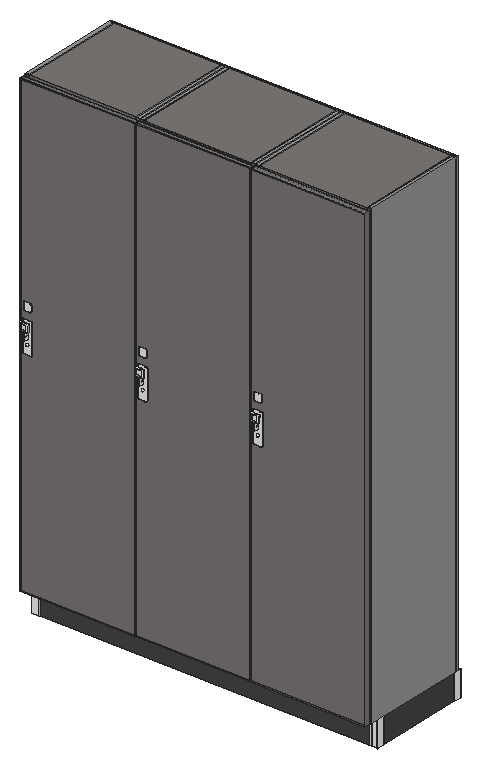
Revit family "Wood_Lockers_Hasps-Salsbury_Industries-18_41000_Series-3_Wide_Units.rfa", category Specialty Equipment, Revit 2016 (continued)
Definition of nested family "Wood Locker Flat Corner Fillers"
  Dimensions and locks (in)
    locked: plane 5 "Left Side" to plane 11 at 3
    plane 12 to plane 7 "Back Side" = 13.875"
    aligned and locked: level to plane 2
  Automatic sketch dimensions
    Extrusion 2 sketch curve to plane 5 "Left Side" = 0.000"
    plane 6 "Front Side" to Extrusion 2 sketch curve = 0.000"
    Extrusion 2 sketch curve to plane 11 = 0.000"
    Extrusion 2 sketch curve to plane 4 "Right Side" = 0.000"
    Extrusion 2 sketch curve to plane 12 = 0.000"
    plane 7 "Back Side" to Extrusion 2 sketch curve = 0.000"
    Extrusion 1 sketch curve to plane 5 "Left Side" = 0.000"
    plane 7 "Back Side" to Extrusion 1 sketch curve = 0.000"
    Extrusion 1 sketch curve to plane 12 = 0.000"
    Extrusion 1 sketch curve to plane 4 "Right Side" = 0.000"
    plane 6 "Front Side" to Extrusion 1 sketch curve = 0.000"
    Extrusion 1 sketch curve to plane 11 = 0.000"
Definition of nested family "Wood Locker Front Fillers"
  Parameters (values of type "33367 - 15" W for 6'H Lockers without Base")
    Width = 15.000"
    Visible Base = no
    Visible = yes
    Version = "1.0 (2/29/16)"
    Type Comments = "Front Vertical Filler for Designer Wood Lockers"
    Model = "33367"
    Manufacturer = "Salsbury Industries"
    Laminate Surface = none
    Height = 72.000"
    Description = "For 6' H Lockers"
    Depth = 0.750"
    Base Height = 0.000"
  Types (18): name | Width | Visible Base | Visible | Version | Type Comments | Model | Manufacturer | Height | Description | Base Height
    (no name) | 15.000" | no | yes | "1.0 (2/29/16)" | "Front Vertical Filler for Designer Wood Lockers" | "33367" | "Salsbury Industries" | 72.000" | "For 6' H Lockers" | 0.000"
    33367 - 15"W for 6' H Lockers with Base | 15.000" | yes | yes | "1.0 (2/29/16)" | "Front Vertical Filler for Designer Wood Lockers" | "33367" | "Salsbury Industries" | 72.000" | "For 6' H Lockers" | 4.000"
    None | 15.000" | no | no | "" | "" | "" | "" | 72.000" | "" | 4.000"
    33369 - 9" W for 6' H Lockers with Base | 9.000" | yes | yes | "1.0 (2/29/16)" | "Front Vertical Filler for Designer Wood Lockers" | "33369" | "Salsbury Industries" | 72.000" | "For 6' H Lockers" | 4.000"
    33367 - 15" W for 5' H Lockers with Base | 15.000" | yes | yes | "1.0 (2/29/16)" | "Front Vertical Filler for Designer Wood Lockers" | "33367" | "Salsbury Industries" | 60.000" | "For 5' H Lockers" | 4.000"
    33369 - 9" W for 5' H Lockers with Base | 9.000" | yes | yes | "1.0 (2/29/16)" | "Front Vertical Filler for Designer Wood Lockers" | "33369" | "Salsbury Industries" | 60.000" | "For 5' H Lockers" | 4.000"
    22265 - 15" W for 6' H Lockers with Base | 15.000" | yes | yes | "1.0 (2/29/16)" | "Front Vertical Filler for Extra Wide Designer Wood Lockers" | "22265" | "Salsbury Industries" | 72.000" | "For 6' H Lockers" | 4.000"
    22265 - 15" W for 5' H Lockers with Base | 15.000" | yes | yes | "1.0 (2/29/16)" | "Front Vertical Filler for Extra Wide Designer Wood Lockers" | "22265" | "Salsbury Industries" | 60.000" | "For 5' H Lockers" | 4.000"
    22269 - 9" W for 6' H Lockers with Base | 9.000" | yes | yes | "1.0 (2/29/16)" | "Front Vertical Filler for Extra Wide Designer Wood Lockers" | "22269" | "Salsbury Industries" | 72.000" | "For 6' H Lockers" | 4.000"
    22269 - 9" W for 5' H Lockers with Base | 9.000" | yes | yes | "1.0 (2/29/16)" | "Front Vertical Filler for Extra Wide Designer Wood Lockers" | "22269" | "Salsbury Industries" | 60.000" | "For 5' H Lockers" | 4.000"
    33367 - 15" W for 6'H Lockers without Base | 15.000" | no | yes | "1.0 (2/29/16)" | "Front Vertical Filler for Designer Wood Lockers" | "33367" | "Salsbury Industries" | 72.000" | "For 6' H Lockers" | 0.000"
    33367 - 15" W for 5' H Lockers without Base | 15.000" | no | yes | "1.0 (2/29/16)" | "Front Vertical Filler for Designer Wood Lockers" | "33367" | "Salsbury Industries" | 60.000" | "For 5' H Lockers" | 0.000"
    33369 - 9" W for 5' H Lockers without Base | 9.000" | no | yes | "1.0 (2/29/16)" | "Front Vertical Filler for Designer Wood Lockers" | "33369" | "Salsbury Industries" | 60.000" | "For 5' H Lockers" | 0.000"
    33369 - 9" W for 6' H Lockers without Base | 9.000" | no | yes | "1.0 (2/29/16)" | "Front Vertical Filler for Designer Wood Lockers" | "33369" | "Salsbury Industries" | 72.000" | "For 6' H Lockers" | 0.000"
    22269 - 9" W for 6' H Lockers without Base | 9.000" | no | yes | "1.0 (2/29/16)" | "Front Vertical Filler for Extra Wide Designer Wood Lockers" | "22269" | "Salsbury Industries" | 72.000" | "For 6' H Lockers" | 0.000"
    22269 - 9" W for 5' H Lockers without Base | 9.000" | no | yes | "1.0 (2/29/16)" | "Front Vertical Filler for Extra Wide Designer Wood Lockers" | "22269" | "Salsbury Industries" | 60.000" | "For 5' H Lockers" | 0.000"
    22265 - 15" W for 6' H Lockers without Base | 15.000" | no | yes | "1.0 (2/29/16)" | "Front Vertical Filler for Extra Wide Designer Wood Lockers" | "22265" | "Salsbury Industries" | 72.000" | "For 6' H Lockers" | 0.000"
    22265 - 15" W for 5' H Lockers without Base | 15.000" | no | yes | "1.0 (2/29/16)" | "Front Vertical Filler for Extra Wide Designer Wood Lockers" | "22265" | "Salsbury Industries" | 60.000" | "For 5' H Lockers" | 0.000"
  Reference planes (in)
    plane 1 "Center (Front/Back)": y = 0
    plane 2: z = 0
    plane 3 "Center (Left/Right)": x = 0
    plane 4 "Back": y = 0.375
    plane 5 "Front": y = -0.375
    plane 6 "Left Side": x = -7.5
    plane 7 "Right Side": x = 7.5
    plane 8 "Bottom": z = 0
    plane 9 "Top": z = 72
    plane 10 "Center Elevation": z = 36
    plane 11 "Wood - Laminate Edge": y = -0.344
    plane 12 "Right Side of Wood": x = 7.375
    plane 13 "Left Side of Wood": x = -7.375
    plane 14 "Top of Wood": z = 71.875
    plane 15 "Bottom of Wood": z = 0.125
    plane 16 "Front of Base Filler": y = 1
  Forms (in)
    Extrusion 1, solid, visible <- "Visible"
      sketch origin (0, 0.375, 0) x (1, 0, 0) y (0, 0, 1)
        loop
          line (7.5, 72) -> (-7.5, 72) -> (-7.5, 0) -> (7.5, 0) -> (7.5, 72)
      from 0 to 0.719
    Extrusion 2, solid, material <- "Laminate Surface", visible <- "Visible"
      sketch origin (0, -0.375, 0) x (1, 0, 0) y (0, 0, 1)
        loop
          line (-7.5, 72) -> (-7.5, 0) -> (7.5, 0) -> (7.5, 72) -> (-7.5, 72)
      from -0.031 to 0
    Extrusion 3, solid, visible <- "Visible Base"
      sketch origin (0, 0, 0) x (1, 0, 0) y (0, 1, 0)
        loop
          line (-7.5, 1.75) -> (-7.5, 0.375) -> (7.5, 0.375) -> (7.5, 1.75) -> (-7.5, 1.75)
      from 0 to 0.75
    Extrusion 4, solid, visible <- "Visible Base"
      sketch origin (0, 0, 0) x (1, 0, 0) y (0, 1, 0)
        loop
          line (-7.5, 1.75) -> (-7.5, 1) -> (7.5, 1) -> (7.5, 1.75) -> (-7.5, 1.75)
      from 0 to -4
  Dimensions and locks (in)
    equal spacing: plane 6 "Left Side", plane 3 "Center (Left/Right)", plane 7 "Right Side"
    plane 5 "Front" to plane 1 "Center (Front/Back)" to plane 4 "Back" = 0.375", 0.375"
    "Width": plane 6 "Left Side" to plane 7 "Right Side"
    "Depth": plane 5 "Front" to plane 4 "Back"
    equal spacing: plane 9 "Top", plane 10 "Center Elevation", plane 8 "Bottom"
    locked: plane 5 "Front" to plane 11 "Wood - Laminate Edge" at 0.031
    locked: plane 15 "Bottom of Wood" to plane 8 "Bottom" at 0.125
    locked: plane 12 "Right Side of Wood" to plane 7 "Right Side" at 0.125
    locked: plane 6 "Left Side" to plane 13 "Left Side of Wood" at 0.125
    locked: plane 9 "Top" to plane 14 "Top of Wood" at 0.125
    locked: plane 5 "Front" to plane 16 "Front of Base Filler" at 1.375
    "Base Height": plane 8 "Bottom" to plane 2
    "Height": plane 9 "Top" to plane 8 "Bottom"
    aligned and locked: level to plane 2
    aligned and locked: plane 8 "Bottom" to Extrusion 1
  Automatic sketch dimensions
    plane 6 "Left Side" to Extrusion 1 sketch curve = 0.000"
    plane 7 "Right Side" to Extrusion 1 sketch curve = 0.000"
    level to Extrusion 1 sketch curve = 0.000"
    Extrusion 1 sketch curve to plane 9 "Top" = 0.000"
    plane 6 "Left Side" to Extrusion 2 sketch curve = 0.000"
    plane 7 "Right Side" to Extrusion 2 sketch curve = 0.000"
    plane 15 "Bottom of Wood" to Extrusion 2 sketch curve = 0.125"
    Extrusion 2 sketch curve to plane 9 "Top" = 0.000"
    plane 4 "Back" to Extrusion 3 sketch curve = 0.000"
    Extrusion 3 sketch curve to plane 6 "Left Side" = 0.000"
    Extrusion 3 sketch curve to plane 7 "Right Side" = 0.000"
    Extrusion 3 sketch curve to plane 16 "Front of Base Filler" = 0.750"
    Extrusion 4 sketch curve to plane 6 "Left Side" = 0.000"
    Extrusion 4 sketch curve to plane 7 "Right Side" = 0.000"
    plane 16 "Front of Base Filler" to Extrusion 4 sketch curve = 0.000"
    Extrusion 4 sketch curve to plane 16 "Front of Base Filler" = 0.750"
Definition of nested family "Wood Locker Front Corner Filler"
  Parameters (values of type "44464 - for 6' H Lockers with Base")
    Width = 2.250"
    Visible Base = yes
    Visible = yes
    Version = "1.0 (12/15/23)"
    Type Comments = "Front Vertical Corner Filler for Designer Wood Lockers"
    Primary Structure Materials = none
    Model = "44464"
    Manufacturer = "Salsbury Industries"
    Laminate Surface = none
    Height = 72.000"
    Description = "For 6' H Lockers"
    Depth = 0.750"
    Base Primary Materials = none
    Base Height = 4.000"
  Types (3): name | Visible Base | Visible | Version | Type Comments | Model | Manufacturer | Description | Base Height
    None | no | no | "" | "" | "" | "" | "" | 4.000"
    44464 - for 6'H Lockers without Base | no | yes | "1.0 (12/15/23)" | "Front Vertical Corner Filler for Designer Wood Lockers" | "44464" | "Salsbury Industries" | "For 6' H Lockers" | 0.000"
    44464 - for 6' H Lockers with Base | yes | yes | "1.0 (12/15/23)" | "Front Vertical Corner Filler for Designer Wood Lockers" | "44464" | "Salsbury Industries" | "For 6' H Lockers" | 4.000"
  Reference planes (in)
    plane 1 "Center (Front/Back)": y = 0
    plane 2 "Bottom of Base": z = 0
    plane 3 "Center (Left/Right)": x = 0
    plane 4 "Back": y = 0.375
    plane 5 "Front": y = -0.375
    plane 6 "Left Side": x = -1.125
    plane 7 "Right Side": x = 1.125
    plane 8 "Bottom": z = 4
    plane 9 "Top": z = 76
    plane 10 "Center Elevation": z = 40
    plane 11 "Wood - Laminate Edge": y = -0.344
    plane 12 "Right Side of Wood": x = 1
    plane 13 "Left Side of Wood": x = -1
    plane 14 "Top of Wood": z = 75.875
    plane 15 "Bottom of Wood": z = 4.125
    plane 16 "Front of Base Filler": y = 1
  Forms (in)
    Extrusion 1, solid, material <- "Primary Structure Materials", visible <- "Visible"
      sketch origin (0, 0.375, 0) x (1, 0, 0) y (0, 0, 1)
        loop
          line (1.125, 76) -> (-1.156, 76) -> (-1.156, 4) -> (1.125, 4) -> (1.125, 76)
      from 0 to 0.719
    Extrusion 2, solid, material <- "Laminate Surface", visible <- "Visible"
      sketch origin (0, -0.375, 0) x (1, 0, 0) y (0, 0, 1)
        loop
          line (-1.125, 76) -> (-1.125, 4) -> (1.125, 4) -> (1.125, 76) -> (-1.125, 76)
      from -0.031 to 0
    Extrusion 3, solid, material <- "Primary Structure Materials", visible <- "Visible"
      sketch origin (-1.875, -1.5, 0) x (0, 1, 0) y (0, 0, 1)
        loop
          line (1.875, 76) -> (-1.125, 76) -> (-1.125, 4) -> (1.875, 4) -> (1.875, 76)
      from 0 to 0.719
    Extrusion 4, solid, material <- "Laminate Surface", visible <- "Visible"
      sketch origin (-1.125, -1.5, 0) x (0, 1, 0) y (0, 0, 1)
        loop
          line (-1.125, 76) -> (-1.125, 4) -> (1.156, 4) -> (1.156, 76) -> (-1.125, 76)
      from -0.031 to 0
    Extrusion 5, solid, material <- "Base Primary Materials", visible <- "Visible Base"
      sketch origin (0, 0, 0) x (1, 0, 0) y (0, 1, 0)
        loop
          line (-3.25, 1.75) -> (-3.25, -2.625) -> (-1.875, -2.625) -> (-1.875, 1.75) -> (-3.25, 1.75)
      from 4 to 4.75
    Extrusion 6, solid, material <- "Base Primary Materials", visible <- "Visible Base"
      sketch origin (0, 0, 0) x (1, 0, 0) y (0, 1, 0)
        loop
          line (-1.875, 1.75) -> (-1.875, 0.375) -> (1.125, 0.375) -> (1.125, 1.75) -> (-1.875, 1.75)
      from 4 to 4.75
    Extrusion 7, solid, material <- "Base Primary Materials", visible <- "Visible Base"
      sketch origin (0, 0, 0) x (1, 0, 0) y (0, 1, 0)
        loop
          line (1.125, 1.75) -> (-2.43407, 1.75) -> (-2.43407, 1) -> (1.125, 1) -> (1.125, 1.75)
      from 0 to 4
    Extrusion 8, solid, material <- "Base Primary Materials", visible <- "Visible Base"
      sketch origin (0, 0, 0) x (1, 0, 0) y (0, 1, 0)
        loop
          line (-3.25, 1.75) -> (-3.25, -2.625) -> (-2.43407, -2.625) -> (-2.43407, 1.75) -> (-3.25, 1.75)
      from 0 to 4
  Dimensions and locks (in)
    equal spacing: plane 6 "Left Side", plane 3 "Center (Left/Right)", plane 7 "Right Side"
    plane 5 "Front" to plane 1 "Center (Front/Back)" to plane 4 "Back" = 0.375", 0.375"
    "Width": plane 6 "Left Side" to plane 7 "Right Side"
    "Depth": plane 5 "Front" to plane 4 "Back"
    equal spacing: plane 9 "Top", plane 10 "Center Elevation", plane 8 "Bottom"
    "Height": plane 9 "Top" to plane 8 "Bottom"
    locked: plane 5 "Front" to plane 11 "Wood - Laminate Edge" at 0.031
    locked: plane 15 "Bottom of Wood" to plane 8 "Bottom" at 0.125
    locked: plane 12 "Right Side of Wood" to plane 7 "Right Side" at 0.125
    locked: plane 6 "Left Side" to plane 13 "Left Side of Wood" at 0.125
    locked: plane 9 "Top" to plane 14 "Top of Wood" at 0.125
    locked: plane 5 "Front" to plane 16 "Front of Base Filler" at 1.375
    "Base Height": plane 8 "Bottom" to plane 2 "Bottom of Base"
    aligned and locked: level to plane 2 "Bottom of Base"
    aligned and locked: plane 8 "Bottom" to Extrusion 1
    aligned and locked: Extrusion 7 to Extrusion 5
    aligned and locked: Extrusion 8 to Extrusion 5
    aligned and locked: Extrusion 7 to Extrusion 8
  Automatic sketch dimensions
    Extrusion 1 sketch curve to plane 9 "Top" = 0.000"
    Extrusion 1 sketch curve to plane 8 "Bottom" = 0.000"
    plane 7 "Right Side" to Extrusion 1 sketch curve = 0.000"
    plane 6 "Left Side" to Extrusion 1 sketch curve = 0.031"
    plane 6 "Left Side" to Extrusion 2 sketch curve = 0.000"
    plane 7 "Right Side" to Extrusion 2 sketch curve = 0.000"
    Extrusion 2 sketch curve to plane 8 "Bottom" = 0.000"
    Extrusion 2 sketch curve to plane 9 "Top" = 0.000"
    plane 9 "Top" to Extrusion 3 sketch curve = 0.000"
    plane 8 "Bottom" to Extrusion 3 sketch curve = 0.000"
    Extrusion 3 sketch curve to plane 4 "Back" = 0.000"
    plane 5 "Front" to Extrusion 3 sketch curve = 2.250"
    plane 8 "Bottom" to Extrusion 4 sketch curve = 0.000"
    plane 9 "Top" to Extrusion 4 sketch curve = 0.000"
    Extrusion 4 sketch curve to plane 11 "Wood - Laminate Edge" = 0.000"
    plane 5 "Front" to Extrusion 4 sketch curve = 2.250"
    plane 6 "Left Side" to Extrusion 5 sketch curve = 2.125"
    plane 6 "Left Side" to Extrusion 5 sketch curve = 0.750"
    plane 5 "Front" to Extrusion 5 sketch curve = 2.250"
    Extrusion 5 sketch curve to plane 16 "Front of Base Filler" = 0.750"
    plane 16 "Front of Base Filler" to Extrusion 7 sketch curve = 0.000"
    Extrusion 7 sketch curve to plane 7 "Right Side" = 0.000"
    plane 6 "Left Side" to Extrusion 7 sketch curve = 1.30907"
    Extrusion 7 sketch curve to plane 16 "Front of Base Filler" = 0.750"
    plane 6 "Left Side" to Extrusion 8 sketch curve = 2.125"
    Extrusion 8 sketch curve to Extrusion 8 sketch curve = 0.81593"
    plane 5 "Front" to Extrusion 8 sketch curve = 2.250"
    Extrusion 8 sketch curve to plane 16 "Front of Base Filler" = 0.750"
    plane 4 "Back" to Extrusion 6 sketch curve = 0.000"
    Extrusion 6 sketch curve to plane 7 "Right Side" = 0.000"
    plane 6 "Left Side" to Extrusion 6 sketch curve = 0.750"
    Extrusion 6 sketch curve to plane 16 "Front of Base Filler" = 0.750"
Definition of nested family "Wood Locker Flat In-Line Fillers"
  Parameters (values of type "44448 - 15" W for 18" D Lockers")
    Width = 15.000"
    Visible = yes
    Version = "1.0 (12/15/23)"
    Type Comments = "Flat Top In-Line Filler for Premier Wood Lockers"
    Model = "44448"
    Manufacturer = "Salsbury Industries"
    Laminate Surface = none
    Height = 0.750"
    Description = "For 18\" D Lockers"
    Depth = 16.875"
  Types (10): name | Width | Visible | Version | Type Comments | Model | Manufacturer | Description | Depth
    (no name) | 15.000" | yes | "1.0 (12/15/23)" | "Flat Top In-Line Filler for Premier Wood Lockers" | "44448" | "Salsbury Industries" | "For 18\" D Lockers" | 16.875"
    44447 - 15" W for 15" D Lockers | 15.000" | yes | "1.0 (12/15/23)" | "Flat Top In-Line Filler for Premier Wood Lockers" | "44447" | "Salsbury Industries" | "For 15\" D Lockers" | 13.875"
    44448 - 15" W for 18" D Lockers | 15.000" | yes | "1.0 (12/15/23)" | "Flat Top In-Line Filler for Premier Wood Lockers" | "44448" | "Salsbury Industries" | "For 18\" D Lockers" | 16.875"
    44441 - 15" W for 21" D Lockers | 15.000" | yes | "1.0 (12/15/23)" | "Flat Top In-Line Filler for Premier Wood Lockers" | "44441" | "Salsbury Industries" | "For 21\" D Lockers" | 19.875"
    None | 15.000" | no | "" | "" | "" | "" | "" | 13.250"
    44448 - 9" W for 18" D Lockers | 9.000" | yes | "1.0 (12/15/23)" | "Flat Top In-Line Filler for Premier Wood Lockers" | "44448" | "Salsbury Industries" | "For 18\" D Lockers" | 16.875"
    44447 - 9" W for 15" D Lockers | 9.000" | yes | "1.0 (12/15/23)" | "Flat Top In-Line Filler for Premier Wood Lockers" | "44447" | "Salsbury Industries" | "For 15\" D Lockers" | 13.875"
    44441 - 9" W for 21" D Lockers | 9.000" | yes | "1.0 (12/15/23)" | "Flat Top In-Line Filler for Premier Wood Lockers" | "44441" | "Salsbury Industries" | "For 21\" D Lockers" | 19.875"
    44449 - 15" W for 24" D Lockers | 15.000" | yes | "1.0 (12/15/23)" | "Flat Top In-Line Filler for Premier Wood Lockers" | "44449" | "Salsbury Industries" | "For 24\" D Lockers" | 22.875"
    44449 - 9" W for 24" D Lockers | 9.000" | yes | "1.0 (12/15/23)" | "Flat Top In-Line Filler for Premier Wood Lockers" | "44449" | "Salsbury Industries" | "For 24\" D Lockers" | 22.875"
  Reference planes (in)
    plane 1 "Center (Front/Back)": y = 0
    plane 2: z = 0
    plane 3 "Center (Left/Right)": x = 0
    plane 4 "Right Side": x = 7.5
    plane 5 "Left Side": x = -7.5
    plane 6 "Front Side": y = -8.4375
    plane 7 "Back Side": y = 8.4375
    plane 8 "Bottom": z = 0
    plane 9 "Top Side": z = 0.75
    plane 10 "Wood - Laminate Line": z = 0.719
  Forms (in)
    Extrusion 1, solid, visible <- "Visible"
      sketch origin (0, 0, 0) x (0, -1, 0) y (1, 0, 0)
        loop
          line (-8.4375, -7.5) -> (8.4375, -7.5) -> (8.4375, 7.5) -> (-8.4375, 7.5) -> (-8.4375, -7.5)
      from 0 to 0.719
    Extrusion 2, solid, material <- "Laminate Surface", visible <- "Visible"
      sketch origin (0, 0, 0.75) x (1, 0, 0) y (0, 1, 0)
        loop
          line (-7.5, -8.4375) -> (7.5, -8.4375) -> (7.5, 8.4375) -> (-7.5, 8.4375) -> (-7.5, -8.4375)
      from -0.031 to 0
  Dimensions and locks (in)
    equal spacing: plane 6 "Front Side", plane 1 "Center (Front/Back)", plane 7 "Back Side"
    equal spacing: plane 5 "Left Side", plane 3 "Center (Left/Right)", plane 4 "Right Side"
    "Width": plane 5 "Left Side" to plane 4 "Right Side"
    "Depth": plane 6 "Front Side" to plane 7 "Back Side"
    "Height": plane 9 "Top Side" to plane 8 "Bottom"
    locked: plane 9 "Top Side" to plane 10 "Wood - Laminate Line" at 0.031
    aligned and locked: level to plane 2
  Automatic sketch dimensions
    Extrusion 1 sketch curve to plane 4 "Right Side" = 0.000"
    plane 7 "Back Side" to Extrusion 1 sketch curve = 0.000"
    Extrusion 1 sketch curve to plane 5 "Left Side" = 0.000"
    plane 6 "Front Side" to Extrusion 1 sketch curve = 0.000"
    Extrusion 2 sketch curve to plane 5 "Left Side" = 0.000"
    plane 4 "Right Side" to Extrusion 2 sketch curve = 0.000"
    plane 6 "Front Side" to Extrusion 2 sketch curve = 0.000"
    Extrusion 2 sketch curve to plane 7 "Back Side" = 0.000"
Definition of nested family "Wood Locker Fascia Fillers"
  Parameters (values of type "44462 - for 3-Wide Units")
    Width = 36.000"
    Visible = yes
    Type Comments = "Front Fascia Filler for Premier Wood Lockers"
    Model = "44462"
    Manufacturer = "Salsbury Industries"
    Laminate Surface = none
    Height = 4.000"
    Description = "4' W for Standard Designer Lockers"
    Depth = 0.750"
  Types (4): name | Width | Visible | Type Comments | Model | Manufacturer | Description
    (no name) | 36.000" | yes | "Front Fascia Filler for Premier Wood Lockers" | "44462" | "Salsbury Industries" | "4' W for Standard Designer Lockers"
    44462 - for 1-Wide Units | 12.000" | yes | "Front Fascia Filler for Premier Wood Lockers" | "44462" | "Salsbury Industries" | "4' W for Standard Designer Lockers"
    None | 12.000" | no | "" | "" | "" | ""
    44462 - for 3-Wide Units | 36.000" | yes | "Front Fascia Filler for Premier Wood Lockers" | "44462" | "Salsbury Industries" | "4' W for Standard Designer Lockers"
  Reference planes (in)
    plane 1 "Center (Front/Back)": y = 0
    plane 2: z = 0
    plane 3 "Center (Left/Right)": x = 0
    plane 4 "Back": y = 0.375
    plane 5 "Front": y = -0.375
    plane 6 "Left Side": x = -18
    plane 7 "Right Side": x = 18
    plane 8 "Bottom": z = 0
    plane 9 "Top": z = 4
    plane 10 "Center Elevation": z = 2
    plane 11 "Wood - Laminate Edge": y = -0.344
    plane 12 "Right Side of Wood": x = 17.875
    plane 13 "Left Side of Wood": x = -17.875
    plane 14 "Top of Wood": z = 3.875
    plane 15 "Bottom of Wood": z = 0.125
    plane 16 "Base Bottom": z = 0
    plane 17 "Front of Base Filler": y = 1
  Forms (in)
    Extrusion 1, solid, visible <- "Visible"
      sketch origin (0, 0.375, 0) x (1, 0, 0) y (0, 0, 1)
        loop
          line (18, 4) -> (-18, 4) -> (-18, 0) -> (18, 0) -> (18, 4)
      from 0 to 0.719
    Extrusion 2, solid, material <- "Laminate Surface", visible <- "Visible"
      sketch origin (0, -0.375, 0) x (1, 0, 0) y (0, 0, 1)
        loop
          line (-18, 4) -> (-18, 0) -> (18, 0) -> (18, 4) -> (-18, 4)
      from -0.031 to 0
  Dimensions and locks (in)
    equal spacing: plane 6 "Left Side", plane 3 "Center (Left/Right)", plane 7 "Right Side"
    plane 5 "Front" to plane 1 "Center (Front/Back)" to plane 4 "Back" = 0.375", 0.375"
    "Width": plane 6 "Left Side" to plane 7 "Right Side"
    "Depth": plane 5 "Front" to plane 4 "Back"
    equal spacing: plane 9 "Top", plane 10 "Center Elevation", plane 8 "Bottom"
    "Height": plane 9 "Top" to plane 8 "Bottom"
    locked: plane 5 "Front" to plane 11 "Wood - Laminate Edge" at 0.031
    locked: plane 15 "Bottom of Wood" to plane 8 "Bottom" at 0.125
    locked: plane 12 "Right Side of Wood" to plane 7 "Right Side" at 0.125
    locked: plane 6 "Left Side" to plane 13 "Left Side of Wood" at 0.125
    locked: plane 9 "Top" to plane 14 "Top of Wood" at 0.125
    locked: plane 5 "Front" to plane 17 "Front of Base Filler" at 1.375
    aligned and locked: level to plane 2
    aligned and locked: Extrusion 1 to plane 8 "Bottom"
  Automatic sketch dimensions
    plane 6 "Left Side" to Extrusion 1 sketch curve = 0.000"
    plane 7 "Right Side" to Extrusion 1 sketch curve = 0.000"
    level to Extrusion 1 sketch curve = 0.000"
    Extrusion 1 sketch curve to plane 9 "Top" = 0.000"
    plane 6 "Left Side" to Extrusion 2 sketch curve = 0.000"
    plane 7 "Right Side" to Extrusion 2 sketch curve = 0.000"
    plane 15 "Bottom of Wood" to Extrusion 2 sketch curve = 0.125"
    Extrusion 2 sketch curve to plane 9 "Top" = 0.000"
Definition of nested family "Wood Locker Sloping Hoods"
  Parameters (values of type "44811 - for 21" Deep Lockers (1 Wide)")
    Width = 18.000"
    Visible = yes
    Version = "1.0 (12/15/23)"
    Type Comments = "Sloping Hood for Premier Wood Lockers"
    Model = "44811"
    Manufacturer = "Salsbury Industries"
    Laminate Surface = none
    Height = 7.993"
    Description = "For 21\" D - 1 Wide Lockers"
    Depth = 20.625"
  Types (20): name | Width | Visible | Version | Type Comments | Model | Manufacturer | Height | Description | Depth
    (no name) | 18.000" | yes | "1.0 (12/15/23)" | "Sloping Hood for Premier Wood Lockers" | "44811" | "Salsbury Industries" | 7.993" | "For 21\" D - 1 Wide Lockers" | 20.625"
    44357 - for 15" Deep Lockers (1 Wide) | 12.000" | yes | "1.0 (12/15/23)" | "Sloping Hood for Premier Wood Lockers" | "44357" | "Salsbury Industries" | 5.743" | "For 15\" D - 1 Wide Lockers" | 14.625"
    44353 - for 18" Deep Lockers (1 Wide) | 12.000" | yes | "1.0 (12/15/23)" | "Sloping Hood for Premier Wood Lockers" | "44353" | "Salsbury Industries" | 6.868" | "For 18\" D - 1 Wide Lockers" | 17.625"
    44352 - for 21" Deep Lockers (1 Wide) | 12.000" | yes | "1.0 (12/15/23)" | "Sloping Hood for Premier Wood Lockers" | "44352" | "Salsbury Industries" | 7.993" | "For 21\" D - 1 Wide Lockers" | 20.625"
    44359 - for 15" Deep Lockers (3 Wide) | 36.000" | yes | "1.0 (12/15/23)" | "Sloping Hood for Premier Wood Lockers" | "44359" | "Salsbury Industries" | 5.743" | "For 15\" D - 3 Wide Lockers" | 14.625"
    44356 - for 18" Deep Lockers (3 Wide) | 36.000" | yes | "1.0 (12/15/23)" | "Sloping Hood for Premier Wood Lockers" | "44356" | "Salsbury Industries" | 6.868" | "For 18\" D - 3 Wide Lockers" | 17.625"
    44354 - for 21" Deep Lockers (3 Wide) | 36.000" | yes | "1.0 (12/15/23)" | "Sloping Hood for Premier Wood Lockers" | "44354" | "Salsbury Industries" | 7.993" | "For 21\" D - 3 Wide Lockers" | 20.625"
    44255 - for 24" Deep Lockers (1 Wide) | 15.000" | yes | "1.0 (12/15/23)" | "Sloping Hood for Premier Wood Lockers" | "44255" | "Salsbury Industries" | 9.118" | "For 24\" D - 1 Wood Lockers" | 23.625"
    44257 - for 24" Deep Lockers (3 Wide) | 45.000" | yes | "1.0 (12/15/23)" | "Sloping Hood for Premier Wod Lockers" | "44257" | "Salsbury Industries" | 9.118" | "For 24\" D - 3 Wide Lockers" | 23.625"
    44252 - for 21" Deep Lockers (1 Wide) | 15.000" | yes | "1.0 (12/15/23)" | "Sloping Hood for 15\" Wide Premier Wood Lockers" | "44252" | "Salsbury Industries" | 7.993" | "For 21\" D - 1 Wide Lockers" | 20.625"
    44254 - for 21" Deep Lockers (3 Wide) | 45.000" | yes | "1.0 (12/15/23)" | "Sloping Hood for 15\" Wide Premier Wood Lockers" | "44254" | "Salsbury Industries" | 7.993" | "For 21\" D - 3 Wide Lockers" | 20.625"
    44251 - for 18" Deep Lockers (1 Wide) | 15.000" | yes | "1.0 (12/15/23)" | "Sloping Hood for 15\"Wide Premier Wood Lockers" | "44251" | "Salsbury Industries" | 6.868" | "For 18\" D - 1 Wide Lockers" | 17.625"
    44253 - for 18" Deep Lockers (3 Wide) | 45.000" | yes | "1.0 (12/15/23)" | "Sloping Hood for 15\" Wide Premier Wood Lockers" | "44253" | "Salsbury Industries" | 6.868" | "For 18\" D - 3 Wide Lockers" | 17.625"
    None | 12.000" | no | "" | "" | "" | "" | 5.743" | "" | 14.625"
    44818 - for 18" Deep Lockers (1 Wide) | 18.000" | yes | "1.0 (12/15/23)" | "Sloping Hood for Premier Wood Lockers" | "44818" | "Salsbury Industries" | 6.868" | "For 18\" D - 1 Wide Lockers" | 17.625"
    44811 - for 21" Deep Lockers (1 Wide) | 18.000" | yes | "1.0 (12/15/23)" | "Sloping Hood for Premier Wood Lockers" | "44811" | "Salsbury Industries" | 7.993" | "For 21\" D - 1 Wide Lockers" | 20.625"
    44814 - for 24" Deep Lockers (1 Wide) | 18.000" | yes | "1.0 (12/15/23)" | "Sloping Hood for Premier Wood Lockers" | "44814" | "Salsbury Industries" | 9.118" | "For 24\" D - 1 Wide Lockers" | 23.625"
    44838 - for 18" Deep Lockers (3 Wide) | 54.000" | yes | "1.0 (12/15/23)" | "Sloping Hood for Premier Wood Lockers" | "44838" | "Salsbury Industries" | 6.868" | "For 18\" D - 3 Wide Lockers" | 17.625"
    44831 - for 21" Deep Lockers (3 Wide) | 54.000" | yes | "1.0 (12/15/23)" | "Sloping Hood for Premier Wood Lockers" | "44831" | "Salsbury Industries" | 7.993" | "For 21\" D - 3 Wide Lockers" | 20.625"
    44834 - for 24" Deep Lockers (3 Wide) | 54.000" | yes | "1.0 (12/15/23)" | "Sloping Hood for Premier Wood Lockers" | "834" | "Salsbury Industries" | 9.118" | "For 24\" D - 3 Wide Lockers" | 23.625"
  Reference planes (in)
    plane 1 "Center (Front/Back)": y = 0
    plane 2: z = 0
    plane 3 "Center (Left/Right)": x = 0
    plane 4 "Front of Hood": y = -10.3125
    plane 5 "Back of Hood": y = 10.3125
    plane 6 "Right Side of Hood": x = 9
    plane 7 "Left Side of Hood": x = -9
    plane 8 "Bottom of Hood": z = 0
    plane 9 "Top of Hood": z = 7.993
    plane 10: x = 8.25
    plane 11: x = -8.25
    plane 12: y = -10.2815
    plane 13: y = -9.5625
    plane 14: z = 7.962
    plane 15: z = 7.243
    plane 16: z = 0.062
    plane 17: z = 0.75
  Forms (in)
    Extrusion 1, solid, visible <- "Visible"
      sketch origin (9, 0.37227, 0) x (0, -1, 0) y (0, 0, 1)
        loop
          line (-0.258, 3.50984) -> (-0.258, 0) -> (0.37227, 0) -> (0.37227, 3.26682) -> (-0.258, 3.50984)
      from 0 to 18
    Extrusion 2, solid, visible <- "Visible"
      sketch origin (0, 0, 0) x (0, 1, 0) y (0, 0, 1)
        loop
          line (-8.47273, 0) -> (10.3125, 7.243) -> (10.3125, 7.962) -> (-10.23269, 0.062) -> (-10.2815, 0.062) -> (-10.2815, 0) -> (-8.47273, 0)
      from -9 to 9
    Extrusion 3, solid, material <- "Laminate Surface", visible <- "Visible"
      sketch origin (0, 0, 0) x (0, 1, 0) y (0, 0, 1)
        loop
          line (-10.3125, 0.062) -> (-10.3125, 0) -> (-10.2815, 0) -> (-10.2815, 0.062) -> (-10.3125, 0.062)
      from -9 to 9
    Extrusion 4, solid, material <- "Laminate Surface", visible <- "Visible"
      sketch origin (0, 0, 0) x (0, 1, 0) y (0, 0, 1)
        loop
          line (10.3125, 7.993) -> (-10.3125, 0.062) -> (-10.23269, 0.062) -> (10.3125, 7.962) -> (10.3125, 7.993)
      from -9 to 9
  Dimensions and locks (in)
    equal spacing: plane 7 "Left Side of Hood", plane 3 "Center (Left/Right)", plane 6 "Right Side of Hood"
    "Width": plane 7 "Left Side of Hood" to plane 6 "Right Side of Hood"
    equal spacing: plane 4 "Front of Hood", plane 1 "Center (Front/Back)", plane 5 "Back of Hood"
    "Depth": plane 4 "Front of Hood" to plane 5 "Back of Hood"
    "Height": plane 9 "Top of Hood" to plane 8 "Bottom of Hood"
    plane 7 "Left Side of Hood" to plane 11 = 0.750"
    plane 10 to plane 6 "Right Side of Hood" = 0.750"
    plane 4 "Front of Hood" to plane 12 to plane 13 = 0.031" locked, 0.719" locked
    plane 15 to plane 14 to plane 9 "Top of Hood" = 0.719" locked, 0.031" locked
    locked: plane 16 to plane 8 "Bottom of Hood" at 0.062
    locked: plane 17 to plane 8 "Bottom of Hood" at 0.75
    aligned and locked: level to plane 2
    aligned and locked: Extrusion 2 to plane 6 "Right Side of Hood"
    aligned and locked: plane 7 "Left Side of Hood" to Extrusion 2
    aligned and locked: plane 7 "Left Side of Hood" to Extrusion 4
    aligned and locked: Extrusion 4 to plane 6 "Right Side of Hood"
    aligned and locked: Extrusion 3 to plane 6 "Right Side of Hood"
    aligned and locked: plane 7 "Left Side of Hood" to Extrusion 3
    aligned and locked: Extrusion 2 to Extrusion 1 sketch curve
    aligned and locked: plane 7 "Left Side of Hood" to Extrusion 1
    aligned and locked: Extrusion 1 to plane 6 "Right Side of Hood"
  Automatic sketch dimensions
    Extrusion 3 sketch curve to level = 0.000"
    Extrusion 3 sketch curve to plane 4 "Front of Hood" = 0.000"
    Extrusion 3 sketch curve to plane 12 = 0.000"
    plane 16 to Extrusion 3 sketch curve = 0.000"
    Extrusion 4 sketch curve to plane 4 "Front of Hood" = 0.000"
    plane 16 to Extrusion 4 sketch curve = 0.000"
    Extrusion 4 sketch curve to plane 5 "Back of Hood" = 0.000"
    plane 14 to Extrusion 4 sketch curve = 0.000"
    plane 9 "Top of Hood" to Extrusion 4 sketch curve = 0.000"
    Extrusion 4 sketch curve to plane 12 = 0.04881"
    Extrusion 2 sketch curve to level = 0.000"
    Extrusion 2 sketch curve to plane 12 = 0.000"
    plane 16 to Extrusion 2 sketch curve = 0.000"
    Extrusion 2 sketch curve to plane 5 "Back of Hood" = 0.000"
    plane 15 to Extrusion 2 sketch curve = 0.000"
    plane 14 to Extrusion 2 sketch curve = 0.000"
    Extrusion 2 sketch curve to plane 13 = 1.08977"
    Extrusion 2 sketch curve to plane 12 = 0.04881"
    Extrusion 1 sketch curve to level = 0.000"
    Extrusion 1 sketch curve to plane 1 "Center (Front/Back)" = 0.000"
    Extrusion 1 sketch curve to Extrusion 1 sketch curve = 0.24302"
Definition of nested family "Wood Locker Side Panels-With Slope"
  Parameters (values of type "44238 - 6' H for 24" D Lockers")
    Width = 23.625"
    Visible = yes
    Version = "1.0 (12/15/23)"
    Type Comments = "Side Panel for Premier Wood Lockers with Sloping Hood"
    Slope Height = 8.608"
    Model = "44238"
    Manufacturer = "Salsbury Industries"
    Laminate Surface = none
    Height = 72.153"
    Door Trim = none
    Description = "6' H for 24\" D Lockers"
    Depth = 0.750"
  Types (6): name | Width | Visible | Version | Type Comments | Slope Height | Model | Manufacturer | Height | Description
    (no name) | 23.625" | yes | "1.0 (12/15/23)" | "Side Panel for Premier Wood Lockers with Sloping Hood" | 8.608" | "44238" | "Salsbury Industries" | 72.153" | "6' H for 24\" D Lockers"
    44334 - 6' H  for 18" D Lockers | 17.625" | yes | "1.0 (12/15/23)" | "Side Panel for Premier Wood Lockers with Sloping Hood" | 6.806" | "44334" | "Salsbury Industries" | 72.062" | "6' H for 18\" D Lockers"
    44336 - 6' H for 21" D Lockers | 20.625" | yes | "1.0 (12/15/23)" | "Side Panel for Premier Wood Lockers with Sloping Hood" | 7.931" | "44336" | "Salsbury Industries" | 72.062" | "6' H for 21\" D Lockers"
    None | 14.625" | no | "" | "" | 5.681" | "" | "" | 72.062" | ""
    44339 - 6' H for 15" D Lockers | 14.625" | yes | "1.0 (12/15/23)" | "Side Panel for Premier Wood Lockers with Sloping Hood" | 5.681" | "44339" | "Salsbury Industries" | 72.062" | "6' H for 15\" D Lockers"
    44238 - 6' H for 24" D Lockers | 23.625" | yes | "1.0 (12/15/23)" | "Side Panel for Premier Wood Lockers with Sloping Hood" | 8.608" | "44238" | "Salsbury Industries" | 72.153" | "6' H for 24\" D Lockers"
  Reference planes (in)
    plane 1 "Center (Front/Back)": y = 0
    plane 2: z = 0
    plane 3 "Center (Left/Right)": x = 0
    plane 4 "Back": y = 0.375
    plane 5 "Front": y = -0.375
    plane 6 "Left Side": x = -11.8125
    plane 7 "Right Side": x = 11.8125
    plane 8 "Bottom": z = 0
    plane 9 "Top": z = 72.153
    plane 10 "Center Elevation": z = 36.0765
    plane 11 "Wood - Laminate Edge": y = -0.344
    plane 12 "Right Side of Wood": x = 11.7815
    plane 13 "Left Side of Wood": x = -11.7815
    plane 14 "Top of Wood": z = 72.028
    plane 15 "Bottom of Wood": z = 0.031
    plane 16: z = 80.761
    plane 17: z = 80.636
  Forms (in)
    Extrusion 1, solid, visible <- "Visible"
      sketch origin (0, 0.375, 0) x (1, 0, 0) y (0, 0, 1)
        loop
          line (-11.8125, 80.73) -> (-11.8125, 0) -> (11.7815, 0) -> (11.7815, 72.13387) -> (-11.8125, 80.73)
      from 0 to 0.719
    Extrusion 2, solid, material <- "Laminate Surface", visible <- "Visible"
      sketch origin (0, -0.375, 0) x (1, 0, 0) y (0, 0, 1)
        loop
          line (-11.8125, 0) -> (11.8125, 0) -> (11.8125, 72.153) -> (-11.8125, 80.761) -> (-11.8125, 0)
      from -0.031 to 0
    Extrusion 3, solid, material <- "Laminate Surface", visible <- "Visible"
      sketch origin (0, -0.375, 0) x (1, 0, 0) y (0, 0, 1)
        loop
          line (11.8125, 0) -> (11.8125, 72.153) -> (-11.8125, 80.761) -> (-11.8125, 80.73) -> (11.7815, 72.13387) -> (11.7815, 0) -> (11.8125, 0)
      from -0.031 to -0.75
  Dimensions and locks (in)
    equal spacing: plane 6 "Left Side", plane 3 "Center (Left/Right)", plane 7 "Right Side"
    plane 5 "Front" to plane 1 "Center (Front/Back)" to plane 4 "Back" = 0.375", 0.375"
    "Width": plane 6 "Left Side" to plane 7 "Right Side"
    "Depth": plane 5 "Front" to plane 4 "Back"
    equal spacing: plane 9 "Top", plane 10 "Center Elevation", plane 8 "Bottom"
    "Height": plane 9 "Top" to plane 8 "Bottom"
    locked: plane 5 "Front" to plane 11 "Wood - Laminate Edge" at 0.031
    locked: plane 15 "Bottom of Wood" to plane 8 "Bottom" at 0.031
    locked: plane 12 "Right Side of Wood" to plane 7 "Right Side" at 0.031
    locked: plane 6 "Left Side" to plane 13 "Left Side of Wood" at 0.031
    locked: plane 9 "Top" to plane 14 "Top of Wood" at 0.125
    "Slope Height": plane 16 to plane 9 "Top"
    locked: plane 16 to plane 17 at 0.125
    aligned and locked: level to plane 2
    aligned and locked: Extrusion 3 to plane 4 "Back"
    aligned and locked: plane 11 "Wood - Laminate Edge" to Extrusion 3
  Automatic sketch dimensions
    plane 6 "Left Side" to Extrusion 2 sketch curve = 0.000"
    plane 7 "Right Side" to Extrusion 2 sketch curve = 0.000"
    Extrusion 2 sketch curve to level = 0.000"
    Extrusion 2 sketch curve to plane 9 "Top" = 0.000"
    Extrusion 2 sketch curve to plane 16 = 0.000"
    Extrusion 1 sketch curve to level = 0.000"
    plane 6 "Left Side" to Extrusion 1 sketch curve = 0.000"
    plane 12 "Right Side of Wood" to Extrusion 1 sketch curve = 0.000"
    plane 9 "Top" to Extrusion 1 sketch curve = 0.01913"
    plane 6 "Left Side" to Extrusion 3 sketch curve = 0.000"
    plane 12 "Right Side of Wood" to Extrusion 3 sketch curve = 0.000"
    plane 7 "Right Side" to Extrusion 3 sketch curve = 0.000"
    Extrusion 3 sketch curve to level = 0.000"
    Extrusion 3 sketch curve to plane 9 "Top" = 0.000"
    Extrusion 3 sketch curve to plane 16 = 0.000"
    plane 9 "Top" to Extrusion 3 sketch curve = 0.01913"
    plane 16 to Extrusion 3 sketch curve = 0.031"
    plane 16 to Extrusion 1 sketch curve = 0.031"
Definition of nested family "Wood Locker Side Panels-No Slope"
  Parameters (values of type "44237 - 6' H for 24"D Lockers")
    Width = 23.625"
    Visible = yes
    Version = "1.0 (12/15/23)"
    Type Comments = "Side Panel for Premier Wood Lockers without Sloping Hood"
    Model = "44237"
    Manufacturer = "Salsbury Industries"
    Laminate Surface = none
    Height = 72.000"
    Door Trim = none
    Description = "6' H for 21\" D Lockers"
    Depth = 0.750"
  Types (6): name | Width | Visible | Version | Type Comments | Model | Manufacturer | Description
    (no name) | 23.625" | yes | "1.0 (12/15/23)" | "Side Panel for Premier Wood Lockers without Sloping Hood" | "44237" | "Salsbury Industries" | "6' H for 21\" D Lockers"
    44330 - 6' H for 15"D Lockers | 14.625" | yes | "1.0 (12/15/23)" | "Side Panel for Premier Wood Lockers without Sloping Hood" | "44330" | "Salsbury Industries" | "6' H for 15\" D Lockers"
    44333 - 6' H for 18" D Lockers | 17.625" | yes | "1.0 (12/15/23)" | "Side Panel for Premier Wood Lockers withouth Sloping Hood" | "44333" | "Salsbury Industries" | "6' H for 18\" D Lockers"
    44335 - 6' H for 21" D Lockers | 20.625" | yes | "1.0 (12/15/23)" | "Side Panel for Premier Wood Lockers without Sloping Hood" | "44335" | "Salsbury Industries" | "6' H for 21\" D Lockers"
    None | 14.000" | no | "" | "" | "" | "" | ""
    44237 - 6' H for 24"D Lockers | 23.625" | yes | "1.0 (12/15/23)" | "Side Panel for Premier Wood Lockers without Sloping Hood" | "44237" | "Salsbury Industries" | "6' H for 21\" D Lockers"
  Reference planes (in)
    plane 1 "Center (Front/Back)": y = 0
    plane 2: z = 0
    plane 3 "Center (Left/Right)": x = 0
    plane 4 "Back": y = 0.375
    plane 5 "Front": y = -0.375
    plane 6 "Left Side": x = -11.8125
    plane 7 "Right Side": x = 11.8125
    plane 8 "Bottom": z = 0
    plane 9 "Top": z = 72
    plane 10 "Center Elevation": z = 36
    plane 11 "Wood - Laminate Edge": y = -0.344
    plane 12 "Right Side of Wood": x = 11.7815
    plane 13 "Left Side of Wood": x = -11.7815
    plane 14 "Top of Wood": z = 71.969
    plane 15 "Bottom of Wood": z = 0.031
  Forms (in)
    Extrusion 1, solid, visible <- "Visible"
      sketch origin (0, 0.375, 0) x (1, 0, 0) y (0, 0, 1)
        loop
          line (11.7815, 71.969) -> (-11.7815, 71.969) -> (-11.7815, 0.031) -> (11.7815, 0.031) -> (11.7815, 71.969)
      from 0 to 0.719
    Extrusion 2, solid, material <- "Laminate Surface", visible <- "Visible"
      sketch origin (0, -0.375, 0) x (1, 0, 0) y (0, 0, 1)
        loop
          line (-11.8125, 72) -> (-11.8125, 0) -> (11.8125, 0) -> (11.8125, 72) -> (-11.8125, 72)
      from -0.031 to 0
    Extrusion 3, solid, material <- "Laminate Surface", visible <- "Visible"
      sketch origin (0, 0, 0) x (1, 0, 0) y (0, 0, 1)
        loop
          line (-11.8125, 0) -> (11.8125, 0) -> (11.8125, 72) -> (-11.8125, 72) -> (-11.8125, 0)
        loop
          line (-11.7815, 0.031) -> (11.7815, 0.031) -> (11.7815, 71.969) -> (-11.7815, 71.969) -> (-11.7815, 0.031)
      from -0.375 to 0.344
  Dimensions and locks (in)
    equal spacing: plane 6 "Left Side", plane 3 "Center (Left/Right)", plane 7 "Right Side"
    plane 5 "Front" to plane 1 "Center (Front/Back)" to plane 4 "Back" = 0.375", 0.375"
    "Width": plane 6 "Left Side" to plane 7 "Right Side"
    "Depth": plane 5 "Front" to plane 4 "Back"
    equal spacing: plane 9 "Top", plane 10 "Center Elevation", plane 8 "Bottom"
    "Height": plane 9 "Top" to plane 8 "Bottom"
    locked: plane 5 "Front" to plane 11 "Wood - Laminate Edge" at 0.031
    locked: plane 15 "Bottom of Wood" to plane 8 "Bottom" at 0.031
    locked: plane 12 "Right Side of Wood" to plane 7 "Right Side" at 0.031
    locked: plane 6 "Left Side" to plane 13 "Left Side of Wood" at 0.031
    locked: plane 9 "Top" to plane 14 "Top of Wood" at 0.031
    aligned and locked: level to plane 2
    aligned and locked: Extrusion 2 sketch curve to plane 7 "Right Side"
    aligned and locked: plane 8 "Bottom" to Extrusion 2 sketch curve
    aligned and locked: plane 6 "Left Side" to Extrusion 2 sketch curve
    aligned and locked: plane 9 "Top" to Extrusion 2 sketch curve
    aligned and locked: Extrusion 3 to plane 4 "Back"
    aligned and locked: plane 11 "Wood - Laminate Edge" to Extrusion 3
  Automatic sketch dimensions
    plane 13 "Left Side of Wood" to Extrusion 1 sketch curve = 0.000"
    plane 12 "Right Side of Wood" to Extrusion 1 sketch curve = 0.000"
    Extrusion 1 sketch curve to plane 15 "Bottom of Wood" = 0.000"
    Extrusion 1 sketch curve to plane 14 "Top of Wood" = 0.000"
    plane 13 "Left Side of Wood" to Extrusion 3 sketch curve = 0.000"
    Extrusion 3 sketch curve to level = 0.000"
    plane 13 "Left Side of Wood" to Extrusion 3 sketch curve = 0.031"
    plane 12 "Right Side of Wood" to Extrusion 3 sketch curve = 0.000"
    plane 7 "Right Side" to Extrusion 3 sketch curve = 0.000"
    Extrusion 3 sketch curve to plane 15 "Bottom of Wood" = 0.000"
    Extrusion 3 sketch curve to plane 14 "Top of Wood" = 0.000"
    Extrusion 3 sketch curve to plane 9 "Top" = 0.000"
Definition of nested family "Wood Locker Double Side Panels-No Slope"
  Parameters (values of type "44237DE - 6' H for 24"D Lockers")
    Width = 47.250"
    Visible = yes
    Version = "1.0 (12/15/23)"
    Type Comments = "Double End Panel for Premier Wood Lockers"
    Model = "44237DE"
    Manufacturer = "Salsbury Industries"
    Laminate Surface = none
    Height = 72.000"
    Door Trim = none
    Description = "For 6' H x 21\" D without Sloping Hood"
    Depth = 0.750"
  Types (6): name | Width | Visible | Version | Type Comments | Model | Manufacturer | Description
    (no name) | 47.250" | yes | "1.0 (12/15/23)" | "Double End Panel for Premier Wood Lockers" | "44237DE" | "Salsbury Industries" | "For 6' H x 21\" D without Sloping Hood"
    44330DE - 6' H for 15"D Lockers | 29.250" | yes | "1.0 (12/15/23)" | "Double End Panel for Premier Wood Lockers" | "44330DE" | "Salsbury Industries" | "For 6' H x 15\" D without Sloping Hood"
    44333DE - 6' H for 18" D Lockers | 35.250" | yes | "1.0 (12/15/23)" | "Double End Panel for Premier Wood Lockers" | "44333DE" | "Salsbury Industries" | "For 6' H x 18\" D without Sloping Hood"
    44335DE - 6' H for 21" D Lockers | 41.250" | yes | "1.0 (12/15/23)" | "Double End Panel for Premier Wood Lockers" | "44335DE" | "Salsbury Industries" | "For 6' H x 21\" D without Sloping Hood"
    None | 14.000" | no | "" | "" | "" | "" | ""
    44237DE - 6' H for 24"D Lockers | 47.250" | yes | "1.0 (12/15/23)" | "Double End Panel for Premier Wood Lockers" | "44237DE" | "Salsbury Industries" | "For 6' H x 21\" D without Sloping Hood"
  Reference planes (in)
    plane 1 "Center (Front/Back)": y = 0
    plane 2: z = 0
    plane 3 "Center (Left/Right)": x = 0
    plane 4 "Back": y = 0.375
    plane 5 "Front": y = -0.375
    plane 6 "Left Side": x = -23.625
    plane 7 "Right Side": x = 23.625
    plane 8 "Bottom": z = 0
    plane 9 "Top": z = 72
    plane 10 "Center Elevation": z = 36
    plane 11 "Wood - Laminate Edge": y = -0.344
    plane 12 "Right Side of Wood": x = 23.594
    plane 13 "Left Side of Wood": x = -23.594
    plane 14 "Top of Wood": z = 71.969
    plane 15 "Bottom of Wood": z = 0.031
  Forms (in)
    Extrusion 1, solid, visible <- "Visible"
      sketch origin (0, 0.375, 0) x (1, 0, 0) y (0, 0, 1)
        loop
          line (23.594, 71.969) -> (-23.594, 71.969) -> (-23.594, 0.031) -> (23.594, 0.031) -> (23.594, 71.969)
      from 0 to 0.719
    Extrusion 2, solid, material <- "Laminate Surface", visible <- "Visible"
      sketch origin (0, -0.375, 0) x (1, 0, 0) y (0, 0, 1)
        loop
          line (-23.625, 72) -> (-23.625, 0) -> (23.625, 0) -> (23.625, 72) -> (-23.625, 72)
      from -0.031 to 0
    Extrusion 3, solid, material <- "Laminate Surface", visible <- "Visible"
      sketch origin (0, 0, 0) x (1, 0, 0) y (0, 0, 1)
        loop
          line (-23.625, 0) -> (23.625, 0) -> (23.625, 72) -> (-23.625, 72) -> (-23.625, 0)
        loop
          line (23.594, 71.969) -> (-23.594, 71.969) -> (-23.594, 0.031) -> (23.594, 0.031) -> (23.594, 71.969)
      from -0.375 to 0.344
  Dimensions and locks (in)
    equal spacing: plane 6 "Left Side", plane 3 "Center (Left/Right)", plane 7 "Right Side"
    plane 5 "Front" to plane 1 "Center (Front/Back)" to plane 4 "Back" = 0.375", 0.375"
    "Width": plane 6 "Left Side" to plane 7 "Right Side"
    "Depth": plane 5 "Front" to plane 4 "Back"
    equal spacing: plane 9 "Top", plane 10 "Center Elevation", plane 8 "Bottom"
    "Height": plane 9 "Top" to plane 8 "Bottom"
    locked: plane 5 "Front" to plane 11 "Wood - Laminate Edge" at 0.031
    locked: plane 15 "Bottom of Wood" to plane 8 "Bottom" at 0.031
    plane 12 "Right Side of Wood" to plane 7 "Right Side" = 0.031"
    locked: plane 6 "Left Side" to plane 13 "Left Side of Wood" at 0.031
    locked: plane 9 "Top" to plane 14 "Top of Wood" at 0.031
    aligned and locked: level to plane 2
    aligned and locked: Extrusion 2 sketch curve to plane 8 "Bottom"
    aligned and locked: plane 6 "Left Side" to Extrusion 2 sketch curve
    aligned and locked: Extrusion 2 sketch curve to plane 7 "Right Side"
    aligned and locked: Extrusion 2 sketch curve to plane 9 "Top"
    aligned and locked: Extrusion 3 to plane 4 "Back"
    aligned and locked: plane 11 "Wood - Laminate Edge" to Extrusion 3
  Automatic sketch dimensions
    plane 13 "Left Side of Wood" to Extrusion 1 sketch curve = 0.000"
    plane 12 "Right Side of Wood" to Extrusion 1 sketch curve = 0.000"
    Extrusion 1 sketch curve to plane 15 "Bottom of Wood" = 0.000"
    Extrusion 1 sketch curve to plane 14 "Top of Wood" = 0.000"
    Extrusion 3 sketch curve to level = 0.000"
    plane 6 "Left Side" to Extrusion 3 sketch curve = 0.000"
    plane 7 "Right Side" to Extrusion 3 sketch curve = 0.000"
    Extrusion 3 sketch curve to plane 9 "Top" = 0.000"
    plane 13 "Left Side of Wood" to Extrusion 3 sketch curve = 0.000"
    Extrusion 3 sketch curve to plane 15 "Bottom of Wood" = 0.000"
    Extrusion 3 sketch curve to plane 14 "Top of Wood" = 0.000"
    plane 12 "Right Side of Wood" to Extrusion 3 sketch curve = 0.000"
Definition of nested family "Wood Locker Double Side Panels-With Slope"
  Parameters (values of type "44238DE - 6' H for 24"D Lockers")
    Width = 47.250"
    Visible = yes
    Version = "1.0 (12/15/23)"
    Type Comments = "Double End Panel for Premier Wood Lockers"
    Slope Height = 8.895"
    Model = "442386DE"
    Manufacturer = "Salsbury Industries"
    Laminate Surface = none
    Height = 72.153"
    Door Trim = none
    Description = "For 6' H x 21\" D Lockers with Sloping Hood"
    Depth = 0.750"
  Types (6): name | Width | Visible | Version | Type Comments | Slope Height | Model | Manufacturer | Height | Description
    (no name) | 47.250" | yes | "1.0 (12/15/23)" | "Double End Panel for Premier Wood Lockers" | 8.895" | "442386DE" | "Salsbury Industries" | 72.153" | "For 6' H x 21\" D Lockers with Sloping Hood"
    44339DE - 6' H for 15"D Lockers | 29.250" | yes | "1.0 (12/15/23)" | "Double End Panel for Premier Wood Lockers" | 5.681" | "44339DE" | "Salsbury Industries" | 72.062" | "For 6' H x 15\" D Lockers with Sloping Hood"
    44334DE - 6' H  for 18" D Lockers | 35.250" | yes | "1.0 (12/15/23)" | "Double End Panel for Premier Wood Lockers" | 6.806" | "44334DE" | "Salsbury Industries" | 72.062" | "For 6' H x 18\" D Lockers with Sloping Hood"
    44336DE - 6' H for 21" D Lockers | 41.250" | yes | "1.0 (12/15/23)" | "Double End Panel for Premier Wood Lockers" | 7.931" | "44336DE" | "Salsbury Industries" | 72.062" | "For 6' H x 21\" D Lockers with Sloping Hood"
    None | 14.000" | no | "" | "" | 5.500" | "" | "" | 72.000" | ""
    44238DE - 6' H for 24"D Lockers | 47.250" | yes | "1.0 (12/15/23)" | "Double End Panel for Premier Wood Lockers" | 8.895" | "442386DE" | "Salsbury Industries" | 72.153" | "For 6' H x 21\" D Lockers with Sloping Hood"
  Reference planes (in)
    plane 1 "Center (Front/Back)": y = 0
    plane 2: z = 0
    plane 3 "Center (Left/Right)": x = 0
    plane 4 "Back": y = 0.375
    plane 5 "Front": y = -0.375
    plane 6 "Left Side": x = -23.625
    plane 7 "Right Side": x = 23.625
    plane 8 "Bottom": z = 0
    plane 9 "Top": z = 72.153
    plane 10 "Center Elevation": z = 36.0765
    plane 11 "Wood - Laminate Edge": y = -0.344
    plane 12 "Right Side of Wood": x = 23.594
    plane 13 "Left Side of Wood": x = -23.594
    plane 14 "Top of Wood": z = 72.028
    plane 15 "Bottom of Wood": z = 0.125
    plane 16: z = 81.048
    plane 17: z = 81.017
  Forms (in)
    Extrusion 1, solid, visible <- "Visible"
      sketch origin (0, 0.375, 0) x (1, 0, 0) y (0, 0, 1)
        loop
          line (23.594, 72.122) -> (0, 81.017) -> (-23.594, 72.122) -> (-23.594, 0) -> (23.594, 0) -> (23.594, 72.122)
      from 0 to 0.719
    Extrusion 2, solid, material <- "Laminate Surface", visible <- "Visible"
      sketch origin (0, -0.375, 0) x (1, 0, 0) y (0, 0, 1)
        loop
          line (23.625, 0) -> (23.625, 72.153) -> (0, 81.048) -> (-23.625, 72.153) -> (-23.625, 0) -> (23.625, 0)
      from -0.031 to 0
    Extrusion 3, solid, material <- "Laminate Surface", visible <- "Visible"
      sketch origin (0, 0.375, 0) x (1, 0, 0) y (0, 0, 1)
        loop
          line (23.625, 0) -> (23.625, 72.153) -> (0, 81.048) -> (-23.625, 72.153) -> (-23.625, 0) -> (-23.594, 0) -> (-23.594, 72.122) -> (0, 81.017) -> (23.594, 72.122) -> (23.594, 0) -> (23.625, 0)
      from 0 to 0.719
  Dimensions and locks (in)
    equal spacing: plane 6 "Left Side", plane 3 "Center (Left/Right)", plane 7 "Right Side"
    plane 5 "Front" to plane 1 "Center (Front/Back)" to plane 4 "Back" = 0.375", 0.375"
    "Width": plane 6 "Left Side" to plane 7 "Right Side"
    "Depth": plane 5 "Front" to plane 4 "Back"
    equal spacing: plane 9 "Top", plane 10 "Center Elevation", plane 8 "Bottom"
    "Height": plane 9 "Top" to plane 8 "Bottom"
    locked: plane 5 "Front" to plane 11 "Wood - Laminate Edge" at 0.031
    locked: plane 15 "Bottom of Wood" to plane 8 "Bottom" at 0.125
    locked: plane 12 "Right Side of Wood" to plane 7 "Right Side" at 0.031
    locked: plane 6 "Left Side" to plane 13 "Left Side of Wood" at 0.031
    locked: plane 9 "Top" to plane 14 "Top of Wood" at 0.125
    "Slope Height": plane 16 to plane 9 "Top"
    locked: plane 16 to plane 17 at 0.031
    aligned and locked: level to plane 2
    aligned and locked: Extrusion 3 to plane 4 "Back"
    aligned and locked: plane 11 "Wood - Laminate Edge" to Extrusion 3
  Automatic sketch dimensions
    plane 6 "Left Side" to Extrusion 2 sketch curve = 0.000"
    Extrusion 2 sketch curve to plane 3 "Center (Left/Right)" = 0.000"
    plane 7 "Right Side" to Extrusion 2 sketch curve = 0.000"
    Extrusion 2 sketch curve to level = 0.000"
    Extrusion 2 sketch curve to plane 9 "Top" = 0.000"  (x2)
    Extrusion 2 sketch curve to plane 16 = 0.000"
    Extrusion 1 sketch curve to level = 0.000"
    plane 13 "Left Side of Wood" to Extrusion 1 sketch curve = 0.000"
    Extrusion 1 sketch curve to plane 3 "Center (Left/Right)" = 0.000"
    plane 12 "Right Side of Wood" to Extrusion 1 sketch curve = 0.000"
    Extrusion 1 sketch curve to plane 17 = 0.000"
    plane 9 "Top" to Extrusion 1 sketch curve = 0.031"  (x2)
    Extrusion 3 sketch curve to level = 0.000"  (x2)
    plane 6 "Left Side" to Extrusion 3 sketch curve = 0.000"
    plane 13 "Left Side of Wood" to Extrusion 3 sketch curve = 0.000"
    Extrusion 3 sketch curve to plane 3 "Center (Left/Right)" = 0.000"  (x2)
    plane 12 "Right Side of Wood" to Extrusion 3 sketch curve = 0.000"
    plane 7 "Right Side" to Extrusion 3 sketch curve = 0.000"
    Extrusion 3 sketch curve to plane 9 "Top" = 0.000"  (x2)
    plane 9 "Top" to Extrusion 3 sketch curve = 0.031"  (x2)
    Extrusion 3 sketch curve to plane 17 = 0.000"
    Extrusion 3 sketch curve to plane 16 = 0.000"
Definition of nested family "Wood Locker Sloping Corner Fillers"
  Parameters (values of type "44479 - for 24" D Lockers")
    Width = 25.875"
    Visible = yes
    Version = "1.0 (12/15/23)"
    Type Comments = "Sloping Hood Corner Filler for Premier Wood Lockers"
    Model = "44489"
    Manufacturer = "Salsbury Industries"
    Laminate Surface = none
    Height = 9.118"
    Description = "For 24\" D Lockers"
    Depth = 25.875"
  Types (6): name | Width | Visible | Version | Type Comments | Model | Manufacturer | Height | Description | Depth
    (no name) | 25.875" | yes | "1.0 (12/15/23)" | "Sloping Hood Corner Filler for Premier Wood Lockers" | "44489" | "Salsbury Industries" | 9.118" | "For 24\" D Lockers" | 25.875"
    44477 - for 15" D Lockers | 16.875" | yes | "1.0 (12/15/23)" | "Sloping Hood Corner Filler for Premier Wood Lockers" | "44487" | "Salsbury Industries" | 5.743" | "For 15\" D Lockers" | 16.875"
    44478 - for 18" D Lockers | 19.875" | yes | "1.0 (12/15/23)" | "Sloping Hood Corner Filler for Premier Wood Lockers" | "44488" | "Salsbury Industries" | 6.868" | "For 18\" D Lockers" | 19.875"
    44471 - for 21" D Lockers | 22.875" | yes | "1.0 (12/15/23)" | "Sloping Hood Corner Filler for Premier Wood Lockers" | "44481" | "Salsbury Industries" | 7.993" | "For 21\" D Lockers" | 22.875"
    44479 - for 24" D Lockers | 25.875" | yes | "1.0 (12/15/23)" | "Sloping Hood Corner Filler for Premier Wood Lockers" | "44489" | "Salsbury Industries" | 9.118" | "For 24\" D Lockers" | 25.875"
    None | 16.875" | no | "" | "" | "" | "" | 5.743" | "" | 16.875"
  Reference planes (in)
    plane 1 "Center (Front/Back)": y = -0.8125
    plane 2: z = 0
    plane 3 "Center (Left/Right)": x = 0.8125
    plane 4 "Front of Hood": y = -11.5
    plane 5 "Right Side of Hood": x = 11.5
    plane 6 "Bottom of Hood": z = 0
    plane 7 "Black Trim Line": y = -11.469
    plane 8: z = 0.062
    plane 9: z = 0.75
    plane 10 "New Back of Hood": y = 12.125
    plane 11 "New Front of Hood": y = -13.75
    plane 12 "New Left Side": x = -12.125
    plane 13 "New Right Side": x = 13.75
    plane 14 "Top": z = 9.118
    plane 15: x = 11.469
  Forms (in)
    Extrusion 1, solid, visible <- "Visible"
      sketch origin (0.8125, 0, 0) x (0, 1, 0) y (0, 0, 1)
        loop
          line (-9.66023, 0) -> (12.125, 8.36937) -> (12.125, 9.087) -> (-11.42019, 0.062) -> (-11.469, 0.062) -> (-11.469, 0) -> (-9.66023, 0)
      from -12.9375 to 12.9375
    Extrusion 2, solid, material <- "Laminate Surface", visible <- "Visible"
      sketch origin (0.8125, 0, 0.00023) x (0, 1, 0) y (0, 0, 1)
        loop
          line (12.125, 9.11777) -> (-11.5, 0.06177) -> (-11.42019, 0.06177) -> (12.125, 9.08677) -> (12.125, 9.11777)
      from -12.9375 to 12.9375
    Extrusion 3, void
      sketch origin (0, 0, 0) x (0, -1, 0) y (1, 0, 0)
        loop
          line (11.5, 11.5) -> (-12.125, -12.125) -> (11.5, -12.125) -> (11.5, 11.5)
      from 0 to 9.118
    Extrusion 4, solid, material <- "Laminate Surface", visible <- "Visible"
      sketch origin (13.75, 0, 0) x (0, -1, 0) y (0, 0, 1)
        loop
          line (11.5, 0) -> (11.5, 0.062) -> (11.469, 0.062) -> (11.469, 0) -> (11.5, 0)
      from 0 to 2.25
    Extrusion 5, solid, visible <- "Visible"
      sketch origin (-1.125, -0.8125, 0) x (1, 0, 0) y (0, 0, 1)
        loop
          line (10.78523, 0) -> (12.594, 0) -> (12.594, 0.062) -> (12.54519, 0.062) -> (-11, 9.087) -> (-11, 8.36937) -> (10.78523, 0)
      from -12.9375 to 12.9375
    Extrusion 6, solid, material <- "Laminate Surface", visible <- "Visible"
      sketch origin (-1.125, -0.8125, 0) x (1, 0, 0) y (0, 0, 1)
        loop
          line (-11, 9.118) -> (-11, 9.087) -> (12.54519, 0.062) -> (12.625, 0.062) -> (-11, 9.118)
      from -12.9375 to 12.9375
    Extrusion 7, solid, material <- "Laminate Surface", visible <- "Visible"
      sketch origin (0, -11.5, 0) x (1, 0, 0) y (0, 0, 1)
        loop
          line (11.5, 0) -> (11.5, 0.062) -> (11.469, 0.062) -> (11.469, 0) -> (11.5, 0)
      from 0 to 2.25
